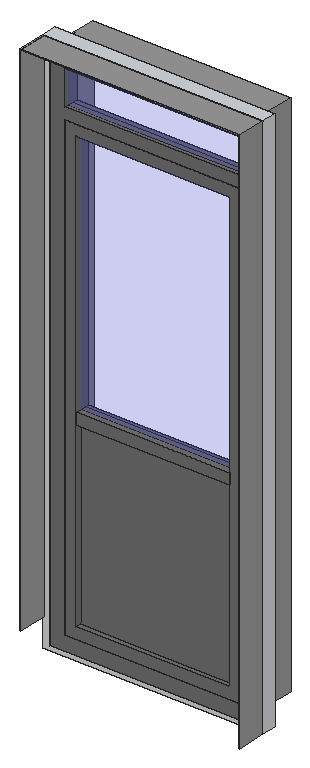
Revit family "AVLN_Балконный блок", category Окна, Revit 2021 (continued)
Definition of nested family "АС-Обозначение на плане двупольная"
  Lines and regions (mm)
    symbolic lines, visible <- "Линия открывания (дуга)", detail levels coarse+medium
      curve 3: arc (0, 960, 0) -> (-678.823, 678.823, 0) -> (-960, 0, 0) r 960
    symbolic lines, visible <- "Линия открывания (дуга)", detail levels fine
      curve 4: arc (-960, 0, 0) -> (-696.396, 636.396, 0) -> (-60, 900, 0) r 900
    model lines
      curve 5: line (0, 0, 0) -> (0, 0, 2100)
  Dimensions and locks
    "Thickness": plane 1 "Center (Front/Back)" to plane 5 "Полотно. Внутренняя сторона"
    plane 1 "Center (Front/Back)" to plane 6 "Коробка. Внутренняя сторона" = 80 mm
    "Коробка.Толщина": plane 6 "Коробка. Внутренняя сторона" to plane 1 "Center (Front/Back)"
    "Rough Width": plane 7 "Коробка.Внутренняя сторона слева" to plane 8 "Коробка. Внутренняя сторона справа"
    "Width": curve 1 to curve 1
    "Width": plane 1 "Center (Front/Back)" to curve 2
    locked: Masking region 2 sketch curve to Masking region 2 sketch curve at 10
    "Rough Width": plane 1 "Center (Front/Back)" to Masking region 3 sketch curve
    "Thickness": Masking region 3 sketch curve to plane 8 "Коробка. Внутренняя сторона справа"
    "Rough Width": Masking region 4 sketch curve to Masking region 4 sketch curve
    "Thickness": Masking region 4 sketch curve to Masking region 4 sketch curve
    "Height": curve 5 to level
    "Монтажный зазор.Ширина сбоку": plane 4 "Полотно справа" to plane 3 "Center (Left/Right)"
    "Коробка.Ширина": plane 8 "Коробка. Внутренняя сторона справа" to plane 4 "Полотно справа"
    "Width": radius of curve 3
    "Rough Width": radius of curve 4
    locked: curve 1 to plane 1 "Center (Front/Back)" (angle 30.00°)
    locked: Masking region 4 sketch curve to plane 1 "Center (Front/Back)" (angle 30.00°)
    aligned and locked: level to plane 2
    aligned and locked: plane 1 "Center (Front/Back)" to curve 2
    aligned and locked: plane 6 "Коробка. Внутренняя сторона" to Masking region 1 sketch curve
    aligned and locked: plane 1 "Center (Front/Back)" to Masking region 1 sketch curve
    aligned and locked: plane 4 "Полотно справа" to Masking region 1 sketch curve
    aligned and locked: Masking region 2 sketch curve to plane 4 "Полотно справа"
    aligned and locked: Masking region 2 sketch curve to plane 8 "Коробка. Внутренняя сторона справа"
    aligned and locked: Masking region 2 sketch curve to plane 6 "Коробка. Внутренняя сторона"
    aligned and locked: Masking region 2 sketch curve to plane 5 "Полотно. Внутренняя сторона"
    aligned and locked: Masking region 2 sketch curve to plane 1 "Center (Front/Back)"
    aligned and locked: plane 8 "Коробка. Внутренняя сторона справа" to curve 4
    aligned and locked: Masking region 2 to Masking region 3 sketch curve
    aligned and locked: Masking region 3 sketch curve to Masking region 2
    aligned and locked: plane 8 "Коробка. Внутренняя сторона справа" to Masking region 4 sketch curve
    aligned and locked: plane 2 to curve 5
    aligned and locked: plane 3 "Center (Left/Right)" to curve 5
    aligned and locked: Masking region 1 sketch curve to plane 3 "Center (Left/Right)"
    aligned and locked: plane 3 "Center (Left/Right)" to curve 2
  Automatic sketch dimensions
    plane 1 "Center (Front/Back)" to Masking region 4 sketch curve = 0 mm
Definition of nested family "AVLN_Обозначение проема"
  Parameters (values of type "AVLN_Обозначение проема")
    Длина [instance] = 200 mm
    ADSK_Размер_Ширина [instance] = 1200 mm
    ADSK_Размер_Высота [instance] = 1800 mm
  Reference planes
    plane 1 "По центру (Вперед/Назад)": y = 0
    plane 2: z = 0
    plane 3 "По центру (Влево/Вправо)": x = 0
    plane 4: y = 900
    plane 5: y = -900
    plane 6: x = 600
    plane 7: x = -600
    plane 8: x = -400
    plane 9: y = 700
  Lines and regions (mm)
    Masking region 1, in view "Опорный уровень"
      outline origin (0, 0, 0) x (1, 0, 0) y (0, 1, 0)
        loop
          line (600, 900) -> (-400, 700) -> (-600, -900) -> (600, -900) -> (600, 900)
    Filled region 1, type "Сплошная заливка - Черный", in view "Опорный уровень"
      outline origin (0, 0, 0) x (1, 0, 0) y (0, 1, 0)
        loop
          line (600, 900) -> (-600, 900) -> (-600, -900) -> (-400, 700) -> (600, 900)
  Dimensions and locks
    equal spacing: plane 4, plane 1 "По центру (Вперед/Назад)", plane 5
    equal spacing: plane 7, plane 3 "По центру (Влево/Вправо)", plane 6
    "ADSK_Размер_Высота": plane 4 to plane 5
    "ADSK_Размер_Ширина": plane 7 to plane 6
    "Длина": plane 7 to plane 8
    "Длина": plane 4 to plane 9
    aligned and locked: plane 6 to Masking region 1 sketch curve
    aligned and locked: Masking region 1 sketch curve to plane 5
    aligned and locked: plane 4 to Filled region 1 sketch curve
    aligned and locked: Filled region 1 sketch curve to plane 7
    aligned and locked: plane 5 to Filled region 1 sketch curve
    aligned and locked: Masking region 1 sketch curve to Filled region 1  (x2)
    aligned and locked: plane 8 to Filled region 1 sketch curve
    aligned and locked: plane 9 to Filled region 1 sketch curve
  Automatic sketch dimensions
    Filled region 1 sketch curve to plane 6 = 0 mm
